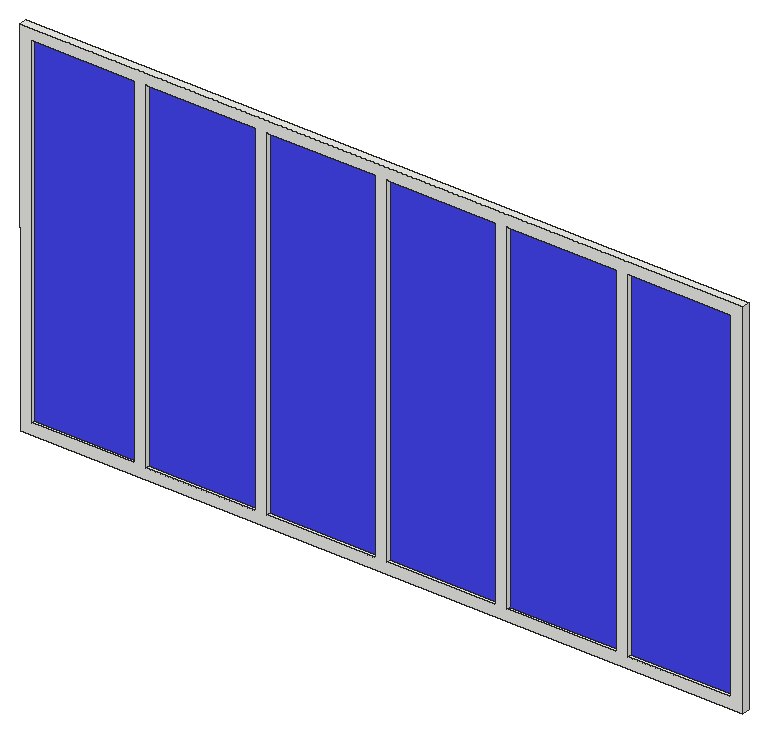
Revit family "DSP_A3-4880x2465-Louvres", category Doors, host Wall, Revit 2016
Family settings
  Host = Wall
  Always vertical = Yes
  Cut with Voids When Loaded = No
  Shared = No
  Room Calculation Point = No
Parameters (values of type "4880x2465 Louvre")
  Height = 2465.00 mm
  Thickness = 51.00 mm
  Wall Closure = By host
  Width = 4880.00 mm
  Function = Interior
Reference planes
  plane 1: y = 0
  plane 2: z = 0
  plane 3: x = 0
  plane 4: x = -2440
  plane 5: x = 2440
  plane 6: z = 2465
  plane 7: x = 1626.667
  plane 8: x = 813.333
  plane 9: x = -1626.667
  plane 10: x = -813.333
Forms (mm)
  Extrusion 1, solid, material "Default TIMBER GARAGE DOOR (USE)"
    sketch origin (-1524, 101.6, 0) x (-1, 0, 0) y (0, 0, 1)
      loop
        line (-3964, 2465) -> (-3964, 0) -> (916, 0) -> (916, 2465) -> (-3964, 2465)
      loop
        line (-3889, 2390) -> (-3889, 75) -> (-3188.167, 75) -> (-3188.167, 2390) -> (-3889, 2390)
      loop
        line (-3113.167, 2390) -> (-3113.167, 75) -> (-2374.833, 75) -> (-2374.833, 2390) -> (-3113.167, 2390)
      loop
        line (-2299.833, 2390) -> (-2299.833, 75) -> (-1561.5, 75) -> (-1561.5, 2390) -> (-2299.833, 2390)
      loop
        line (-1486.5, 2390) -> (-1486.5, 75) -> (-748.167, 75) -> (-748.167, 2390) -> (-1486.5, 2390)
      loop
        line (-673.167, 2390) -> (-673.167, 75) -> (65.167, 75) -> (65.167, 2390) -> (-673.167, 2390)
      loop
        line (841, 2390) -> (140.167, 2390) -> (140.167, 75) -> (841, 75) -> (841, 2390)
    from 0 to 50
  Extrusion 2, solid, material "-LOUVER"
    sketch origin (-1524, 101.6, 0) x (-1, 0, 0) y (0, 0, 1)
      loop
        line (-3889, 2390) -> (-3889, 75) -> (-3188.167, 75) -> (-3188.167, 2390) -> (-3889, 2390)
      loop
        line (-3113.167, 75) -> (-2374.833, 75) -> (-2374.833, 2390) -> (-3113.167, 2390) -> (-3113.167, 75)
      loop
        line (-2299.833, 2390) -> (-2299.833, 75) -> (-1561.5, 75) -> (-1561.5, 2390) -> (-2299.833, 2390)
      loop
        line (-1486.5, 75) -> (-748.167, 75) -> (-748.167, 2390) -> (-1486.5, 2390) -> (-1486.5, 75)
      loop
        line (-673.167, 2390) -> (-673.167, 75) -> (65.167, 75) -> (65.167, 2390) -> (-673.167, 2390)
      loop
        line (140.167, 75) -> (841, 75) -> (841, 2390) -> (140.167, 2390) -> (140.167, 75)
    from 24.102 to 50
Lines and regions (mm)
  Opening 1
    outline origin (-3302, -101.6, 0) x (1, 0, 0) y (0, 0, 1)
      loop
        line (862, 0) -> (5742, 0) -> (5742, 2465) -> (862, 2465) -> (862, 0)
  model lines, style "DoorsPanelProjection"
    curve 1: line (2440, -101.6, 0) -> (-2440, -101.6, 0)
  symbolic lines, style "Elevation Swing"
    curve 2: arc (0, -101.6, 2465) -> (0, -201.351, 2705.821) -> (0, -442.172, 2805.572) r 340.572
    curve 3: line (0, -442.172, 2805.572) -> (0, -2423.372, 2805.572)
Text (mm)
  text "Exterior" at (-1812.94, 377.066, 0), in view "Floor Line"
  text "Exterior" at (0, 888.654, 3134.195), in view "Right"
Dimensions and locks
  equal spacing: plane 4, plane 3, plane 5
  "Width": plane 4 to plane 5
  "Height": plane 2 to plane 6
  host wall to plane 6 = 2465.00 mm
  equal spacing: Extrusion 1, plane 7, plane 8, plane 3, plane 10, plane 9, Extrusion 1
  aligned and locked: plane 4 to Opening 1 sketch curve
  aligned and locked: plane 6 to Opening 1 sketch curve
  aligned and locked: Opening 1 sketch curve to plane 6
  aligned and locked: Opening 1 sketch curve to plane 5
  aligned and locked: Opening 1 sketch curve to level
  aligned and locked: plane 5 to curve 1
  aligned and locked: plane 4 to curve 1
  aligned and locked: host wall to curve 2
  aligned and locked: plane 5 to Extrusion 1 sketch curve
  aligned and locked: Extrusion 1 sketch curve to plane 6
  aligned and locked: Extrusion 1 sketch curve to plane 4
  aligned: Extrusion 1 to Extrusion 2
Automatic sketch dimensions
  curve 2 to plane 6 = 0.00 mm
  curve 2 to curve 2 = 340.572 mm
  curve 3 to curve 2 = 1981.20 mm
  curve 1 to level = 0.00 mm
  Extrusion 1 sketch curve to level = 0.00 mm
  plane 5 to Extrusion 1 sketch curve = 75.00 mm
  Extrusion 1 sketch curve to plane 7 = 37.50 mm
  plane 7 to Extrusion 1 sketch curve = 37.50 mm
  Extrusion 1 sketch curve to plane 8 = 37.50 mm
  plane 8 to Extrusion 1 sketch curve = 37.50 mm
  plane 3 to Extrusion 1 sketch curve = 37.50 mm
  Extrusion 1 sketch curve to plane 3 = 37.50 mm
  plane 10 to Extrusion 1 sketch curve = 37.50 mm
  Extrusion 1 sketch curve to plane 10 = 37.50 mm
  plane 9 to Extrusion 1 sketch curve = 37.50 mm
  level to Extrusion 1 sketch curve = 75.00 mm  (x4)
  Extrusion 1 sketch curve to Extrusion 1 sketch curve = 0.00 mm  (x3)
  plane 6 to Extrusion 1 sketch curve = 75.00 mm  (x5)
  Extrusion 1 sketch curve to plane 9 = 37.50 mm
  Extrusion 1 sketch curve to plane 4 = 75.00 mm
  plane 5 to Extrusion 2 sketch curve = 75.00 mm
  Extrusion 2 sketch curve to plane 7 = 37.50 mm
  plane 7 to Extrusion 2 sketch curve = 37.50 mm
  Extrusion 2 sketch curve to plane 8 = 37.50 mm
  plane 8 to Extrusion 2 sketch curve = 37.50 mm
  plane 3 to Extrusion 2 sketch curve = 37.50 mm
  Extrusion 2 sketch curve to plane 3 = 37.50 mm
  plane 10 to Extrusion 2 sketch curve = 37.50 mm
  Extrusion 2 sketch curve to plane 10 = 37.50 mm
  plane 9 to Extrusion 2 sketch curve = 37.50 mm
  Extrusion 2 sketch curve to plane 9 = 37.50 mm
  Extrusion 2 sketch curve to plane 4 = 75.00 mm
  level to Extrusion 2 sketch curve = 75.00 mm  (x6)
  plane 6 to Extrusion 2 sketch curve = 75.00 mm  (x2)
  Extrusion 2 sketch curve to Extrusion 2 sketch curve = 0.00 mm  (x4)
